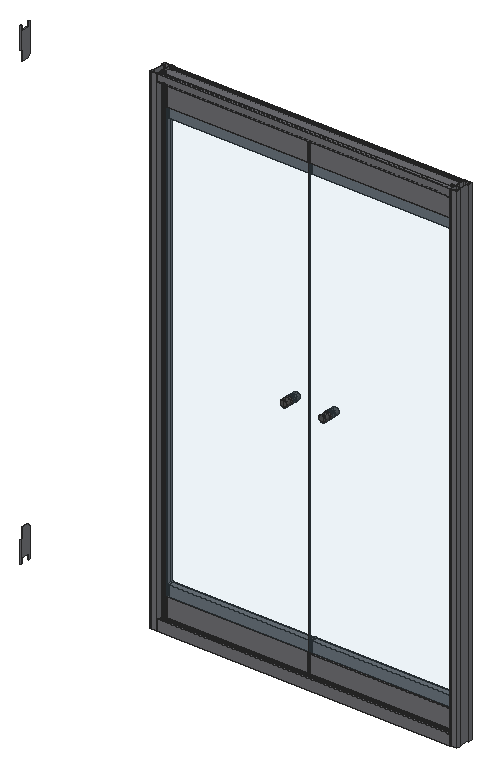
Revit family "QFL2", category Doors, host Wall, Revit 2024
Family settings
  Host = Wall
  OmniClass Number = 23.30.10.00
  OmniClass Title = Doors
  Always vertical = Yes
  Cut with Voids When Loaded = No
  Shared = No
  Room Calculation Point = No
Parameters
  Function = Interior
  Frame Projection Ext. = 25 mm
  Frame Projection Int. = 25 mm
  Frame Width = 75 mm
  Height = 2098 mm
  Wall Closure = By host
  Width = 1292 mm
  Define Thermal Properties by = Schematic Type
  Analytic Construction = "<None>"
Reference planes
  plane 1: y = 0
  plane 2 "Center (Left/Right)": x = 0
  plane 3 "Left": x = -646
  plane 4 "Right": x = 646
  plane 5: z = 2098
  plane 6 "Exterior": y = 75
  plane 7 "Interior": y = -75
Forms (mm)
  Extrusion 1, solid, material "ALUMINIUM CHAR (TEST)"
    sketch origin (-0.37, 0, 0) x (1, 0, 0) y (0, 1, 0)
      loop
        line (646.37, 37.5) -> (616.37, 37.5) -> (616.37, 34.4) -> (617.37, 34.4) -> (617.37, 35.9) -> (618.87, 35.9) -> (618.87, 28.3) -> (617.37, 28.3) -> (617.37, 29.8) -> (616.37, 29.8) -> (616.37, 1.2) -> (617.37, 1.2) -> (617.37, 2.7) -> (618.87, 2.7) -> (618.87, -4.9) -> (617.37, -4.9) -> (617.37, -3.4) -> (616.37, -3.4) -> (616.37, -13.1) -> (612.37, -13.1) -> (612.37, -11)
        arc (612.37, -11) -> (612.224, -10.646) -> (611.87, -10.5) r 0.5
        line (611.87, -10.5) -> (609.12, -10.5) -> (609.12, -11.5) -> (610.72, -11.5) -> (610.72, -13.1) -> (603.02, -13.1) -> (603.02, -11.5) -> (604.62, -11.5) -> (604.62, -10.5) -> (601.87, -10.5)
        arc (601.87, -10.5) -> (601.517, -10.646) -> (601.37, -11) r 0.5
        line (601.37, -11) -> (601.37, -14.4)
        arc (601.37, -14.4) -> (601.517, -14.754) -> (601.87, -14.9) r 0.5
        line (601.87, -14.9) -> (616.37, -14.9) -> (616.37, -37.5) -> (646.37, -37.5) -> (646.37, -22) -> (644.87, -22) -> (644.87, -24.5) -> (641.87, -24.5) -> (641.87, 24.5) -> (644.87, 24.5) -> (644.87, 22) -> (646.37, 22) -> (646.37, 37.5)
      loop
        line (644.37, 26.3) -> (644.37, 35.5) -> (620.67, 35.5) -> (620.67, 27.7)
        arc (620.67, 27.7) -> (620.377, 26.993) -> (619.67, 26.7) r 1
        line (619.67, 26.7) -> (618.37, 26.7) -> (618.37, 4.3) -> (619.67, 4.3)
        arc (619.67, 4.3) -> (620.377, 4.007) -> (620.67, 3.3) r 1
        line (620.67, 3.3) -> (620.67, -5.5)
        arc (620.67, -5.5) -> (620.377, -6.207) -> (619.67, -6.5) r 1
        line (619.67, -6.5) -> (618.17, -6.5) -> (618.17, -35.5) -> (644.37, -35.5) -> (644.37, -26.3) -> (641.47, -26.3)
        arc (641.47, -26.3) -> (640.48, -25.89) -> (640.07, -24.9) r 1.4
        line (640.07, -24.9) -> (640.07, 24.9)
        arc (640.07, 24.9) -> (640.48, 25.89) -> (641.47, 26.3) r 1.4
        line (641.47, 26.3) -> (644.37, 26.3)
      loop
        line (-645.63, 37.5) -> (-645.63, 22) -> (-644.13, 22) -> (-644.13, 24.5) -> (-641.13, 24.5) -> (-641.13, -24.5) -> (-644.13, -24.5) -> (-644.13, -22) -> (-645.63, -22) -> (-645.63, -37.5) -> (-615.63, -37.5) -> (-615.63, -14.9) -> (-601.13, -14.9)
        arc (-601.13, -14.9) -> (-600.776, -14.754) -> (-600.63, -14.4) r 0.5
        line (-600.63, -14.4) -> (-600.63, -11)
        arc (-600.63, -11) -> (-600.776, -10.646) -> (-601.13, -10.5) r 0.5
        line (-601.13, -10.5) -> (-603.88, -10.5) -> (-603.88, -11.5) -> (-602.28, -11.5) -> (-602.28, -13.1) -> (-609.98, -13.1) -> (-609.98, -11.5) -> (-608.38, -11.5) -> (-608.38, -10.5) -> (-611.13, -10.5)
        arc (-611.13, -10.5) -> (-611.483, -10.646) -> (-611.63, -11) r 0.5
        line (-611.63, -11) -> (-611.63, -13.1) -> (-615.63, -13.1) -> (-615.63, -3.4) -> (-616.63, -3.4) -> (-616.63, -4.9) -> (-618.13, -4.9) -> (-618.13, 2.7) -> (-616.63, 2.7) -> (-616.63, 1.2) -> (-615.63, 1.2) -> (-615.63, 29.8) -> (-616.63, 29.8) -> (-616.63, 28.3) -> (-618.13, 28.3) -> (-618.13, 35.9) -> (-616.63, 35.9) -> (-616.63, 34.4) -> (-615.63, 34.4) -> (-615.63, 37.5) -> (-645.63, 37.5)
      loop
        line (-643.63, 26.3) -> (-640.73, 26.3)
        arc (-640.73, 26.3) -> (-639.74, 25.89) -> (-639.33, 24.9) r 1.4
        line (-639.33, 24.9) -> (-639.33, -24.9)
        arc (-639.33, -24.9) -> (-639.74, -25.89) -> (-640.73, -26.3) r 1.4
        line (-640.73, -26.3) -> (-643.63, -26.3) -> (-643.63, -35.5) -> (-617.43, -35.5) -> (-617.43, -6.5) -> (-618.93, -6.5)
        arc (-618.93, -6.5) -> (-619.637, -6.207) -> (-619.93, -5.5) r 1
        line (-619.93, -5.5) -> (-619.93, 3.3)
        arc (-619.93, 3.3) -> (-619.637, 4.007) -> (-618.93, 4.3) r 1
        line (-618.93, 4.3) -> (-617.63, 4.3) -> (-617.63, 26.7) -> (-618.93, 26.7)
        arc (-618.93, 26.7) -> (-619.637, 26.993) -> (-619.93, 27.7) r 1
        line (-619.93, 27.7) -> (-619.93, 35.5) -> (-643.63, 35.5) -> (-643.63, 26.3)
    from 0 to 2098
  Extrusion 2, solid, material "ALUMINIUM CHAR (TEST)"
    sketch origin (-943.37, 0, 0) x (0, -1, 0) y (0, 0, 1)
      loop
        line (-36.55, 18) -> (-36.55, 20.5) -> (-37.5, 20.5) -> (-37.5, 0) -> (-35.5, 0) -> (-35.5, 2) -> (-13.5, 2) -> (-13.5, 0) -> (-11.5, 0) -> (-11.5, 2) -> (10.5, 2) -> (10.5, 0) -> (12.5, 0) -> (12.5, 2) -> (35.5, 2) -> (35.5, 0) -> (37.5, 0) -> (37.5, 44.5)
        arc (37.5, 44.5) -> (37.354, 44.854) -> (37, 45) r 0.5
        line (37, 45) -> (32.199, 45) -> (31.492, 44.5) -> (26.524, 44.5) -> (25.817, 45) -> (22.199, 45) -> (21.492, 44.5) -> (16.524, 44.5) -> (15.817, 44.999) -> (11.001, 44.999)
        arc (11.001, 44.999) -> (10.648, 44.853) -> (10.502, 44.501) r 0.499
        line (10.502, 44.501) -> (10.502, 41.75) -> (11.5, 41.75) -> (11.5, 43.35) -> (13.1, 43.35) -> (13.1, 35.65) -> (11.5, 35.65) -> (11.5, 37.25) -> (10.5, 37.25) -> (10.5, 11.9)
        arc (10.5, 11.9) -> (10.061, 10.839) -> (9, 10.4) r 1.5
        line (9, 10.4) -> (3, 10.4)
        arc (3, 10.4) -> (1.939, 10.839) -> (1.5, 11.9) r 1.5
        line (1.5, 11.9) -> (1.5, 20)
        arc (1.5, 20) -> (0.851, 21.475) -> (-0.674, 21.992) r 2
        line (-0.674, 21.992) -> (-9.95, 20.504) -> (-9.95, 18) -> (-36.55, 18)
      loop
        line (10.5, 4.2) -> (10.5, 8.4) -> (3, 8.4)
        arc (3, 8.4) -> (0.525, 9.425) -> (-0.5, 11.9) r 3.5
        line (-0.5, 11.9) -> (-0.5, 20.057) -> (-7.95, 18.629) -> (-7.95, 16) -> (-35.5, 16) -> (-35.5, 4.2) -> (10.5, 4.2)
      loop
        line (12.5, 4.2) -> (35.5, 4.2) -> (35.5, 43) -> (15.1, 43) -> (15.1, 34) -> (12.5, 34) -> (12.5, 4.2)
      loop
        arc (-37.5, 2069) -> (-37.207, 2068.293) -> (-36.5, 2068) r 1
        line (-36.5, 2068) -> (-34.25, 2068) -> (-34.25, 2069) -> (-35.85, 2069) -> (-35.85, 2070.6) -> (-28.15, 2070.6) -> (-28.15, 2069) -> (-29.75, 2069) -> (-29.75, 2068) -> (-25.9, 2068)
        arc (-25.9, 2068) -> (-24.486, 2068.586) -> (-23.9, 2070) r 2
        line (-23.9, 2070) -> (-23.9, 2091.2)
        arc (-23.9, 2091.2) -> (-23.754, 2091.554) -> (-23.4, 2091.7) r 0.5
        line (-23.4, 2091.7) -> (-6.85, 2091.7) -> (-6.85, 2070)
        arc (-6.85, 2070) -> (-6.264, 2068.586) -> (-4.85, 2068) r 2
        line (-4.85, 2068) -> (13.1, 2068) -> (13.1, 2064) -> (11, 2064)
        arc (11, 2064) -> (10.646, 2063.854) -> (10.5, 2063.5) r 0.5
        line (10.5, 2063.5) -> (10.5, 2060.75) -> (11.5, 2060.75) -> (11.5, 2062.35) -> (13.1, 2062.35) -> (13.1, 2054.65) -> (11.5, 2054.65) -> (11.5, 2056.25) -> (10.5, 2056.25) -> (10.5, 2053.5)
        arc (10.5, 2053.5) -> (10.646, 2053.146) -> (11, 2053) r 0.5
        line (11, 2053) -> (14.4, 2053)
        arc (14.4, 2053) -> (14.754, 2053.146) -> (14.9, 2053.5) r 0.5
        line (14.9, 2053.5) -> (14.9, 2068) -> (36.5, 2068)
        arc (36.5, 2068) -> (37.207, 2068.293) -> (37.5, 2069) r 1
        line (37.5, 2069) -> (37.5, 2098) -> (22, 2098) -> (22, 2096.5) -> (24.5, 2096.5) -> (24.5, 2093.5) -> (-24.5, 2093.5) -> (-24.5, 2096.5) -> (-22, 2096.5) -> (-22, 2098) -> (-25.4, 2098)
        arc (-25.4, 2098) -> (-26.107, 2097.707) -> (-26.4, 2097) r 1
        line (-26.4, 2097) -> (-26.4, 2085.5)
        arc (-26.4, 2085.5) -> (-26.546, 2085.146) -> (-26.9, 2085) r 0.5
        line (-26.9, 2085) -> (-35, 2085)
        arc (-35, 2085) -> (-35.354, 2085.146) -> (-35.5, 2085.5) r 0.5
        line (-35.5, 2085.5) -> (-35.5, 2095.5)
        arc (-35.5, 2095.5) -> (-35.354, 2095.854) -> (-35, 2096) r 0.5
        line (-35, 2096) -> (-33.5, 2096) -> (-33.5, 2098) -> (-36.5, 2098)
        arc (-36.5, 2098) -> (-37.207, 2097.707) -> (-37.5, 2097) r 1
        line (-37.5, 2097) -> (-37.5, 2069)
      loop
        line (35.5, 2070) -> (35.5, 2096) -> (26.3, 2096) -> (26.3, 2093.1)
        arc (26.3, 2093.1) -> (25.89, 2092.11) -> (24.9, 2091.7) r 1.4
        line (24.9, 2091.7) -> (-4.85, 2091.7) -> (-4.85, 2070.5)
        arc (-4.85, 2070.5) -> (-4.704, 2070.146) -> (-4.35, 2070) r 0.5
        line (-4.35, 2070) -> (35.5, 2070)
      loop
        line (-26.4, 2072.2) -> (-26.4, 2082.5)
        arc (-26.4, 2082.5) -> (-26.546, 2082.854) -> (-26.9, 2083) r 0.5
        line (-26.9, 2083) -> (-35, 2083)
        arc (-35, 2083) -> (-35.354, 2082.854) -> (-35.5, 2082.5) r 0.5
        line (-35.5, 2082.5) -> (-35.5, 2072.2) -> (-26.4, 2072.2)
    from -1559.37 to -327.37
  Extrusion 3, solid, material "ALUMINIUM CHAR (TEST)"
    sketch origin (-1209, 0, 0) x (0, -1, 0) y (0, 0, 1)
      loop
        line (-33.496, 156) -> (-33.496, 31) -> (-28.596, 31) -> (-28.596, 51) -> (5.604, 51) -> (5.604, 31) -> (10.504, 31) -> (10.504, 121) -> (2.504, 121) -> (2.504, 166) -> (-23.496, 166) -> (-33.496, 156)
      loop
        line (-33.496, 2059) -> (-33.496, 1934) -> (-23.496, 1924) -> (2.504, 1924) -> (2.504, 1969) -> (10.504, 1969) -> (10.504, 2059) -> (5.604, 2059) -> (5.604, 2039) -> (-28.596, 2039) -> (-28.596, 2059) -> (-33.496, 2059)
    from 0 to 5
  Extrusion 4, solid, material "ALUMINIUM CHAR (TEST)"
    sketch origin (6, 0, 0) x (0, -1, 0) y (0, 0, 1)
      loop
        line (-33.496, 156) -> (-33.496, 31) -> (-28.596, 31) -> (-28.596, 51) -> (5.604, 51) -> (5.604, 31) -> (10.504, 31) -> (10.504, 121) -> (2.504, 121) -> (2.504, 166) -> (-23.496, 166) -> (-33.496, 156)
      loop
        line (-33.496, 2059) -> (-33.496, 1934) -> (-23.496, 1924) -> (2.504, 1924) -> (2.504, 1969) -> (10.504, 1969) -> (10.504, 2059) -> (5.604, 2059) -> (5.604, 2039) -> (-28.596, 2039) -> (-28.596, 2059) -> (-33.496, 2059)
    from 0 to 5
  Extrusion 5, solid, material "ALUMINIUM CHAR (TEST)"
    sketch origin (595, 0, 0) x (0, -1, 0) y (0, 0, 1)
      loop
        line (10.504, 2059) -> (8.704, 2059) -> (8.704, 2057) -> (5.604, 2057) -> (5.604, 2055.4) -> (8.754, 2055.4) -> (8.754, 2043.033) -> (8.2, 2041.985) -> (8.2, 2039) -> (-31.196, 2039) -> (-31.196, 2041.92) -> (-31.705, 2042.883) -> (-31.705, 2055.4) -> (-28.596, 2055.4) -> (-28.596, 2057) -> (-31.696, 2057) -> (-31.696, 2059) -> (-33.496, 2059) -> (-33.496, 1934) -> (-23.496, 1924) -> (2.504, 1924) -> (2.504, 1969) -> (10.504, 1969) -> (10.504, 2059)
      loop
        line (8.714, 1971) -> (8.714, 2037.2) -> (-31.705, 2037.2) -> (-31.705, 1935.038) -> (-22.467, 1925.8) -> (0.504, 1925.8) -> (0.504, 1971) -> (8.714, 1971)
      loop
        line (10.504, 31) -> (10.504, 121) -> (2.504, 121) -> (2.504, 166) -> (-23.496, 166) -> (-33.496, 156) -> (-33.496, 31) -> (-31.696, 31) -> (-31.696, 33) -> (-28.596, 33) -> (-28.596, 34.6) -> (-31.705, 34.6) -> (-31.705, 47.117) -> (-31.196, 48.08) -> (-31.196, 51) -> (8.2, 51) -> (8.2, 48.015) -> (8.754, 46.967) -> (8.754, 34.6) -> (5.604, 34.6) -> (5.604, 33) -> (8.704, 33) -> (8.704, 31) -> (10.504, 31)
      loop
        line (8.714, 119) -> (0.504, 119) -> (0.504, 164.2) -> (-22.467, 164.2) -> (-31.705, 154.962) -> (-31.705, 52.8) -> (8.714, 52.8) -> (8.714, 119)
    from -1 to 589
  Extrusion 6, solid, material "Glass"
    sketch origin (-39, 0, 0) x (0, -1, 0) y (0, 0, 1)
      loop
        line (2.504, 121) -> (10.504, 121) -> (10.504, 1969) -> (2.504, 1969) -> (2.504, 121)
    from -640 to -40
  Extrusion 7, solid, material "ALUMINIUM CHAR (TEST)"
    sketch origin (596, 0, 0) x (0, -1, 0) y (0, 0, -1)
      loop
        line (-33.496, -156) -> (-23.496, -166) -> (2.504, -166) -> (2.504, -121) -> (10.504, -121) -> (10.504, -31) -> (5.604, -31) -> (5.604, -51) -> (-28.596, -51) -> (-28.596, -31) -> (-33.496, -31) -> (-33.496, -156)
      loop
        line (-33.496, -2059) -> (-28.596, -2059) -> (-28.596, -2039) -> (5.604, -2039) -> (5.604, -2059) -> (10.504, -2059) -> (10.504, -1969) -> (2.504, -1969) -> (2.504, -1924) -> (-23.496, -1924) -> (-33.496, -1934) -> (-33.496, -2059)
    from 0 to 5
  Revolve 8, solid, material "Metal, Powder Coated, Black"
    sketch origin (81.5, -153.753, 23.323) x (0, 1, 0) y (0, 0, 1)
      loop
        line (151.249, 1021.677) -> (181.249, 1021.677) -> (181.249, 1035.677) -> (180.249, 1036.677) -> (164.249, 1036.677) -> (159.249, 1031.677) -> (154.249, 1036.677) -> (151.249, 1036.677) -> (151.249, 1021.677)
      axis (181.249, 1021.677) -> (151.249, 1021.677)
    angle from 0 to 360
  Revolve 9, solid, material "Metal, Powder Coated, Black"
    sketch origin (81.5, 140.744, 23.323) x (0, -1, 0) y (0, 0, -1)
      loop
        line (151.249, -1021.677) -> (151.249, -1036.677) -> (154.249, -1036.677) -> (159.249, -1031.677) -> (164.249, -1036.677) -> (180.249, -1036.677) -> (181.249, -1035.677) -> (181.249, -1021.677) -> (151.249, -1021.677)
      axis (181.249, -1021.677) -> (151.249, -1021.677)
    angle from 0 to 360
  Extrusion 10, solid, material "ALUMINIUM CHAR (TEST)"
    sketch origin (-6, 0, 0) x (0, -1, 0) y (0, 0, -1)
      loop
        line (-33.496, -156) -> (-23.496, -166) -> (2.504, -166) -> (2.504, -121) -> (10.504, -121) -> (10.504, -31) -> (5.604, -31) -> (5.604, -51) -> (-28.596, -51) -> (-28.596, -31) -> (-33.496, -31) -> (-33.496, -156)
      loop
        line (-33.496, -2059) -> (-28.596, -2059) -> (-28.596, -2039) -> (5.604, -2039) -> (5.604, -2059) -> (10.504, -2059) -> (10.504, -1969) -> (2.504, -1969) -> (2.504, -1924) -> (-23.496, -1924) -> (-33.496, -1934) -> (-33.496, -2059)
    from 0 to 5
  Extrusion 11, solid, material "ALUMINIUM CHAR (TEST)"
    sketch origin (-595, 0, 0) x (0, -1, 0) y (0, 0, -1)
      loop
        line (10.504, -2059) -> (10.504, -1969) -> (2.504, -1969) -> (2.504, -1924) -> (-23.496, -1924) -> (-33.496, -1934) -> (-33.496, -2059) -> (-31.696, -2059) -> (-31.696, -2057) -> (-28.596, -2057) -> (-28.596, -2055.4) -> (-31.705, -2055.4) -> (-31.705, -2042.883) -> (-31.196, -2041.92) -> (-31.196, -2039) -> (8.2, -2039) -> (8.2, -2041.985) -> (8.754, -2043.033) -> (8.754, -2055.4) -> (5.604, -2055.4) -> (5.604, -2057) -> (8.704, -2057) -> (8.704, -2059) -> (10.504, -2059)
      loop
        line (8.714, -1971) -> (0.504, -1971) -> (0.504, -1925.8) -> (-22.467, -1925.8) -> (-31.705, -1935.038) -> (-31.705, -2037.2) -> (8.714, -2037.2) -> (8.714, -1971)
      loop
        line (10.504, -31) -> (8.704, -31) -> (8.704, -33) -> (5.604, -33) -> (5.604, -34.6) -> (8.754, -34.6) -> (8.754, -46.967) -> (8.2, -48.015) -> (8.2, -51) -> (-31.196, -51) -> (-31.196, -48.08) -> (-31.705, -47.117) -> (-31.705, -34.6) -> (-28.596, -34.6) -> (-28.596, -33) -> (-31.696, -33) -> (-31.696, -31) -> (-33.496, -31) -> (-33.496, -156) -> (-23.496, -166) -> (2.504, -166) -> (2.504, -121) -> (10.504, -121) -> (10.504, -31)
      loop
        line (8.714, -119) -> (8.714, -52.8) -> (-31.705, -52.8) -> (-31.705, -154.962) -> (-22.467, -164.2) -> (0.504, -164.2) -> (0.504, -119) -> (8.714, -119)
    from -1 to 589
  Extrusion 12, solid, material "Glass"
    sketch origin (39, 0, 0) x (0, -1, 0) y (0, 0, -1)
      loop
        line (2.504, -121) -> (2.504, -1969) -> (10.504, -1969) -> (10.504, -121) -> (2.504, -121)
    from -640 to -40
  Extrusion 13, solid, material "ALUMINIUM CHAR (TEST)"
    sketch origin (-596, 0, 0) x (0, -1, 0) y (0, 0, 1)
      loop
        line (-33.496, 156) -> (-33.496, 31) -> (-28.596, 31) -> (-28.596, 51) -> (5.604, 51) -> (5.604, 31) -> (10.504, 31) -> (10.504, 121) -> (2.504, 121) -> (2.504, 166) -> (-23.496, 166) -> (-33.496, 156)
      loop
        line (-33.496, 2059) -> (-33.496, 1934) -> (-23.496, 1924) -> (2.504, 1924) -> (2.504, 1969) -> (10.504, 1969) -> (10.504, 2059) -> (5.604, 2059) -> (5.604, 2039) -> (-28.596, 2039) -> (-28.596, 2059) -> (-33.496, 2059)
    from 0 to 5
  Revolve 14, solid, material "Metal, Powder Coated, Black"
    sketch origin (-81.5, -153.753, 23.323) x (0, 1, 0) y (0, 0, -1)
      loop
        line (151.249, -1021.677) -> (151.249, -1036.677) -> (154.249, -1036.677) -> (159.249, -1031.677) -> (164.249, -1036.677) -> (180.249, -1036.677) -> (181.249, -1035.677) -> (181.249, -1021.677) -> (151.249, -1021.677)
      axis (181.249, -1021.677) -> (151.249, -1021.677)
    angle from 0 to 360
  Revolve 15, solid, material "Metal, Powder Coated, Black"
    sketch origin (-81.5, 140.744, 23.323) x (0, -1, 0) y (0, 0, 1)
      loop
        line (151.249, 1021.677) -> (181.249, 1021.677) -> (181.249, 1035.677) -> (180.249, 1036.677) -> (164.249, 1036.677) -> (159.249, 1031.677) -> (154.249, 1036.677) -> (151.249, 1036.677) -> (151.249, 1021.677)
      axis (181.249, 1021.677) -> (151.249, 1021.677)
    angle from 0 to 360
Lines and regions (mm)
  Opening 1
    outline origin (-3050, -75, 0) x (1, 0, 0) y (0, 0, 1)
      loop
        line (2404, 0) -> (3696, 0) -> (3696, 2098) -> (2404, 2098) -> (2404, 0)
  model lines
    curve 1: line (606.5, 33.496, 2059) -> (6.5, 33.496, 1045)
    curve 2: line (6.5, 33.496, 1045) -> (606.5, 33.496, 31)
    curve 3: line (-606.5, 33.496, 2059) -> (-6.5, 33.496, 1045)
    curve 4: line (-6.5, 33.496, 1045) -> (-606.5, 33.496, 31)
    curve 5: line (-616, 36.55, 0) -> (-616, 648.496, 0)
    curve 6: arc (-1, 33.496, 0) -> (-181.129, 468.366, 0) -> (-616, 648.496, 0) r 615
    curve 7: line (616, 36.55, 0) -> (616, 648.496, 0)
    curve 8: arc (1, 33.496, 0) -> (181.129, 468.366, 0) -> (616, 648.496, 0) r 615
Text (mm)
  text "Exterior" at (-2295.016, 1099.543, 0), in view "Ref. Level"
  text "Exterior" at (0, 1615.38, 3698.081), in view "Left"
  text "Exterior" at (0, 1036.032, 3874.932), in view "Right"
Dimensions and locks
  equal spacing: plane 3 "Left", plane 2 "Center (Left/Right)", plane 4 "Right"
  "Width": plane 3 "Left" to plane 4 "Right"
  "Height": plane 5 to host wall
  host wall to plane 5 = 2098 mm  (x2)
  locked: plane 6 "Exterior" to host wall
  locked: plane 7 "Interior" to host wall
  plane 3 "Left" to plane 4 "Right" = 1292 mm
  aligned and locked: plane 3 "Left" to Opening 1 sketch curve
  aligned and locked: plane 5 to Opening 1 sketch curve  (x2)
  aligned and locked: Opening 1 sketch curve to plane 4 "Right"
  aligned and locked: Opening 1 sketch curve to level
  aligned and locked: plane 1 to host wall
Automatic sketch dimensions
  Extrusion 1 sketch curve to plane 3 "Left" = 0 mm  (x2)
  Extrusion 1 sketch curve to plane 4 "Right" = 0 mm  (x2)
  Extrusion 1 sketch curve to plane 3 "Left" = 1.5 mm  (x2)
  Extrusion 1 sketch curve to Extrusion 1 sketch curve = 0.5 mm  (x9)
  Extrusion 1 sketch curve to plane 3 "Left" = 2 mm
  Extrusion 1 sketch curve to Extrusion 1 sketch curve = 3 mm
  Extrusion 1 sketch curve to Extrusion 1 sketch curve = 0.4 mm  (x7)
  Extrusion 1 sketch curve to Extrusion 1 sketch curve = 1.4 mm  (x3)
  Extrusion 1 sketch curve to Extrusion 1 sketch curve = 19.4 mm
  Extrusion 1 sketch curve to host wall = 3.3 mm
  Extrusion 1 sketch curve to Extrusion 1 sketch curve = 0 mm  (x3)
  Extrusion 1 sketch curve to Extrusion 1 sketch curve = 1 mm  (x13)
  Extrusion 1 sketch curve to Extrusion 1 sketch curve = 0.8 mm  (x3)
  Extrusion 1 sketch curve to Extrusion 1 sketch curve = 1.3 mm  (x4)
  Extrusion 1 sketch curve to Extrusion 1 sketch curve = 21.9 mm
  Extrusion 1 sketch curve to Extrusion 1 sketch curve = 1.5 mm  (x13)
  Extrusion 1 sketch curve to Extrusion 1 sketch curve = 1.8 mm  (x6)
  Extrusion 1 sketch curve to Extrusion 1 sketch curve = 4 mm  (x2)
  Extrusion 1 sketch curve to Extrusion 1 sketch curve = 1.15 mm  (x5)
  Extrusion 1 sketch curve to Extrusion 1 sketch curve = 1.6 mm  (x10)
  Extrusion 1 sketch curve to Extrusion 1 sketch curve = 4.5 mm  (x3)
  host wall to Extrusion 1 sketch curve = 14.4 mm
  plane 4 "Right" to Extrusion 1 sketch curve = 45 mm
  Extrusion 1 sketch curve to Extrusion 1 sketch curve = 1.65 mm
  plane 4 "Right" to Extrusion 1 sketch curve = 30 mm
  Extrusion 1 sketch curve to host wall = 1.2 mm  (x2)
  plane 4 "Right" to Extrusion 1 sketch curve = 6.3 mm
  plane 4 "Right" to Extrusion 1 sketch curve = 2 mm  (x2)
  plane 4 "Right" to Extrusion 1 sketch curve = 1.5 mm  (x2)
  host wall to Extrusion 1 sketch curve = 22 mm  (x2)
  Extrusion 1 sketch curve to Extrusion 1 sketch curve = 2.5 mm  (x4)
  Extrusion 1 sketch curve to Extrusion 1 sketch curve = 9.2 mm  (x2)
  Extrusion 1 sketch curve to Extrusion 1 sketch curve = 20.6 mm
  Extrusion 1 sketch curve to Extrusion 1 sketch curve = 2 mm  (x4)
  host wall to Extrusion 1 sketch curve = 14.9 mm
  host wall to Extrusion 1 sketch curve = 6.5 mm  (x2)
  Extrusion 1 sketch curve to Extrusion 1 sketch curve = 0.6 mm  (x4)
  Extrusion 1 sketch curve to host wall = 22 mm  (x2)
  Extrusion 1 sketch curve to Extrusion 1 sketch curve = 4.6 mm  (x2)
  Extrusion 1 sketch curve to Extrusion 1 sketch curve = 1.1 mm
  Extrusion 2 sketch curve to Extrusion 2 sketch curve = 0 mm  (x12)
  Extrusion 2 sketch curve to level = 0 mm  (x4)
  plane 5 to Extrusion 2 sketch curve = 0 mm  (x3)
  Extrusion 2 sketch curve to host wall = 37.5 mm  (x2)
  plane 5 to Extrusion 2 sketch curve = 29 mm
  Extrusion 2 sketch curve to Extrusion 2 sketch curve = 0.95 mm
  Extrusion 2 sketch curve to Extrusion 2 sketch curve = 1 mm  (x12)
  Extrusion 2 sketch curve to Extrusion 2 sketch curve = 0.65 mm
  Extrusion 2 sketch curve to Extrusion 2 sketch curve = 0.35 mm  (x2)
  Extrusion 2 sketch curve to Extrusion 2 sketch curve = 1.05 mm
  Extrusion 2 sketch curve to Extrusion 2 sketch curve = 2 mm  (x9)
  Extrusion 2 sketch curve to Extrusion 2 sketch curve = 0.5 mm  (x13)
  Extrusion 2 sketch curve to Extrusion 2 sketch curve = 1.6 mm  (x9)
  Extrusion 2 sketch curve to Extrusion 2 sketch curve = 1.5 mm  (x8)
  Extrusion 2 sketch curve to Extrusion 2 sketch curve = 4.5 mm  (x3)
  Extrusion 2 sketch curve to Extrusion 2 sketch curve = 8.1 mm  (x2)
  Extrusion 2 sketch curve to Extrusion 2 sketch curve = 0.9 mm
  Extrusion 2 sketch curve to Extrusion 2 sketch curve = 0.6 mm
  Extrusion 2 sketch curve to Extrusion 2 sketch curve = 2.5 mm  (x3)
  level to Extrusion 2 sketch curve = 2 mm  (x3)
  Extrusion 2 sketch curve to host wall = 13.5 mm
  Extrusion 2 sketch curve to host wall = 9.95 mm
  Extrusion 2 sketch curve to host wall = 6.85 mm
  Extrusion 2 sketch curve to host wall = 0.674 mm
  Extrusion 2 sketch curve to host wall = 0.5 mm
  host wall to Extrusion 2 sketch curve = 1.5 mm
  Extrusion 2 sketch curve to Extrusion 2 sketch curve = 6 mm
  host wall to Extrusion 2 sketch curve = 10.5 mm  (x2)
  Extrusion 2 sketch curve to Extrusion 2 sketch curve = 0.002 mm
  Extrusion 2 sketch curve to Extrusion 2 sketch curve = 0.499 mm
  Extrusion 2 sketch curve to Extrusion 2 sketch curve = 0.998 mm
  Extrusion 2 sketch curve to Extrusion 2 sketch curve = 1.3 mm
  Extrusion 2 sketch curve to Extrusion 2 sketch curve = 0.717 mm
  Extrusion 2 sketch curve to Extrusion 2 sketch curve = 0.707 mm  (x4)
  Extrusion 2 sketch curve to Extrusion 2 sketch curve = 4.968 mm  (x2)
  plane 5 to Extrusion 2 sketch curve = 1.5 mm
  host wall to Extrusion 2 sketch curve = 22 mm
  Extrusion 2 sketch curve to Extrusion 2 sketch curve = 0.4 mm  (x2)
  Extrusion 2 sketch curve to Extrusion 2 sketch curve = 3.617 mm
  Extrusion 2 sketch curve to Extrusion 2 sketch curve = 1.4 mm
  Extrusion 2 sketch curve to Extrusion 2 sketch curve = 23 mm
  Extrusion 2 sketch curve to Extrusion 2 sketch curve = 20.6 mm
  Extrusion 2 sketch curve to Extrusion 2 sketch curve = 3.301 mm
  Extrusion 2 sketch curve to Extrusion 2 sketch curve = 2.2 mm  (x2)
  level to Extrusion 2 sketch curve = 8.4 mm
  Extrusion 2 sketch curve to Extrusion 2 sketch curve = 4.1 mm
  Extrusion 2 sketch curve to Extrusion 2 sketch curve = 0.629 mm
  Extrusion 2 sketch curve to Extrusion 2 sketch curve = 0.057 mm
  Extrusion 2 sketch curve to Extrusion 2 sketch curve = 2.504 mm
  Extrusion 2 sketch curve to Extrusion 2 sketch curve = 14 mm
  Extrusion 2 sketch curve to Extrusion 2 sketch curve = 1.65 mm
  Extrusion 2 sketch curve to Extrusion 2 sketch curve = 9 mm
  Extrusion 2 sketch curve to Extrusion 2 sketch curve = 1.151 mm
  Extrusion 2 sketch curve to Extrusion 2 sketch curve = 43.5 mm
  Extrusion 2 sketch curve to Extrusion 2 sketch curve = 1.15 mm  (x2)
  Extrusion 2 sketch curve to Extrusion 2 sketch curve = 4 mm
  Extrusion 2 sketch curve to Extrusion 2 sketch curve = 10.3 mm
  Extrusion 2 sketch curve to Extrusion 2 sketch curve = 5.8 mm
  plane 5 to Extrusion 2 sketch curve = 2 mm
  Extrusion 3 sketch curve to host wall = 33.496 mm  (x2)
  Extrusion 3 sketch curve to Extrusion 3 sketch curve = 4.9 mm  (x3)
  Extrusion 3 sketch curve to Extrusion 3 sketch curve = 10 mm  (x4)
  host wall to Extrusion 3 sketch curve = 2.504 mm  (x2)
  host wall to Extrusion 3 sketch curve = 5.604 mm  (x2)
  Extrusion 3 sketch curve to Extrusion 3 sketch curve = 8 mm
  level to Extrusion 3 sketch curve = 31 mm  (x2)
  Extrusion 3 sketch curve to Extrusion 3 sketch curve = 20 mm  (x3)
  Extrusion 3 sketch curve to Extrusion 3 sketch curve = 70 mm
  Extrusion 3 sketch curve to Extrusion 3 sketch curve = 35 mm
  plane 5 to Extrusion 3 sketch curve = 174 mm
  Extrusion 3 sketch curve to Extrusion 3 sketch curve = 45 mm
  plane 5 to Extrusion 3 sketch curve = 59 mm
  Extrusion 4 sketch curve to host wall = 33.496 mm  (x2)
  Extrusion 4 sketch curve to Extrusion 4 sketch curve = 4.9 mm  (x3)
  Extrusion 4 sketch curve to Extrusion 4 sketch curve = 10 mm  (x4)
  host wall to Extrusion 4 sketch curve = 2.504 mm  (x2)
  host wall to Extrusion 4 sketch curve = 5.604 mm  (x2)
  Extrusion 4 sketch curve to Extrusion 4 sketch curve = 8 mm
  level to Extrusion 4 sketch curve = 31 mm  (x2)
  Extrusion 4 sketch curve to Extrusion 4 sketch curve = 20 mm  (x3)
  Extrusion 4 sketch curve to Extrusion 4 sketch curve = 70 mm
  Extrusion 4 sketch curve to Extrusion 4 sketch curve = 35 mm
  plane 5 to Extrusion 4 sketch curve = 174 mm
  Extrusion 4 sketch curve to Extrusion 4 sketch curve = 45 mm
  plane 5 to Extrusion 4 sketch curve = 59 mm
  curve 4 to plane 2 "Center (Left/Right)" = 6.5 mm
  plane 2 "Center (Left/Right)" to curve 2 = 6.5 mm
  level to curve 2 = 1045 mm
  curve 4 to curve 1 = 0 mm
  curve 4 to plane 3 "Left" = 39.5 mm
  curve 3 to plane 3 "Left" = 39.5 mm
  plane 4 "Right" to curve 2 = 39.5 mm
  plane 4 "Right" to curve 1 = 39.5 mm
  level to curve 4 = 31 mm
  level to curve 2 = 31 mm
  plane 5 to curve 3 = 39 mm
  plane 5 to curve 1 = 39 mm
  Extrusion 5 sketch curve to host wall = 33.496 mm  (x2)
  Extrusion 5 sketch curve to Extrusion 5 sketch curve = 1.79 mm  (x4)
  Extrusion 5 sketch curve to Extrusion 5 sketch curve = 0 mm
  Extrusion 5 sketch curve to Extrusion 5 sketch curve = 0.01 mm
  Extrusion 5 sketch curve to Extrusion 5 sketch curve = 1.8 mm  (x6)
  Extrusion 5 sketch curve to Extrusion 5 sketch curve = 0.51 mm  (x2)
  Extrusion 5 sketch curve to Extrusion 5 sketch curve = 3.11 mm  (x2)
  Extrusion 5 sketch curve to Extrusion 5 sketch curve = 8.21 mm  (x2)
  Extrusion 5 sketch curve to Extrusion 5 sketch curve = 1.028 mm  (x2)
  host wall to Extrusion 5 sketch curve = 0.504 mm  (x2)
  host wall to Extrusion 5 sketch curve = 2.504 mm  (x2)
  host wall to Extrusion 5 sketch curve = 5.604 mm  (x2)
  host wall to Extrusion 5 sketch curve = 8.2 mm  (x2)
  Extrusion 5 sketch curve to Extrusion 5 sketch curve = 3.1 mm  (x2)
  Extrusion 5 sketch curve to Extrusion 5 sketch curve = 0.514 mm
  Extrusion 5 sketch curve to Extrusion 5 sketch curve = 6.21 mm
  Extrusion 5 sketch curve to Extrusion 5 sketch curve = 0.05 mm
  Extrusion 5 sketch curve to Extrusion 5 sketch curve = 0.554 mm
  level to Extrusion 5 sketch curve = 31 mm  (x2)
  Extrusion 5 sketch curve to Extrusion 5 sketch curve = 2 mm  (x6)
  Extrusion 5 sketch curve to Extrusion 5 sketch curve = 1.6 mm  (x4)
  Extrusion 5 sketch curve to Extrusion 5 sketch curve = 12.367 mm  (x2)
  Extrusion 5 sketch curve to Extrusion 5 sketch curve = 12.517 mm  (x2)
  Extrusion 5 sketch curve to Extrusion 5 sketch curve = 1.048 mm  (x2)
  Extrusion 5 sketch curve to Extrusion 5 sketch curve = 0.963 mm  (x2)
  Extrusion 5 sketch curve to Extrusion 5 sketch curve = 2.92 mm  (x2)
  Extrusion 5 sketch curve to Extrusion 5 sketch curve = 66.2 mm
  Extrusion 5 sketch curve to Extrusion 5 sketch curve = 33.962 mm
  Extrusion 5 sketch curve to Extrusion 5 sketch curve = 1.038 mm  (x2)
  Extrusion 5 sketch curve to Extrusion 5 sketch curve = 9.238 mm
  plane 5 to Extrusion 5 sketch curve = 174 mm
  Extrusion 5 sketch curve to Extrusion 5 sketch curve = 8.2 mm
  Extrusion 5 sketch curve to Extrusion 5 sketch curve = 43.2 mm
  plane 5 to Extrusion 5 sketch curve = 60.8 mm
  Extrusion 5 sketch curve to Extrusion 5 sketch curve = 2.985 mm
  host wall to Extrusion 6 sketch curve = 2.504 mm
  Extrusion 6 sketch curve to Extrusion 6 sketch curve = 8 mm
  level to Extrusion 6 sketch curve = 121 mm
  plane 5 to Extrusion 6 sketch curve = 129 mm
  Extrusion 7 sketch curve to host wall = 33.496 mm  (x2)
  Extrusion 7 sketch curve to Extrusion 7 sketch curve = 4.9 mm  (x3)
  Extrusion 7 sketch curve to Extrusion 7 sketch curve = 10 mm  (x4)
  host wall to Extrusion 7 sketch curve = 2.504 mm  (x2)
  host wall to Extrusion 7 sketch curve = 5.604 mm  (x2)
  Extrusion 7 sketch curve to Extrusion 7 sketch curve = 8 mm
  plane 5 to Extrusion 7 sketch curve = 39 mm
  Extrusion 7 sketch curve to Extrusion 7 sketch curve = 0 mm
  Extrusion 7 sketch curve to Extrusion 7 sketch curve = 20 mm  (x3)
  Extrusion 7 sketch curve to Extrusion 7 sketch curve = 70 mm
  Extrusion 7 sketch curve to Extrusion 7 sketch curve = 35 mm
  level to Extrusion 7 sketch curve = 166 mm
  Extrusion 7 sketch curve to Extrusion 7 sketch curve = 45 mm
  level to Extrusion 7 sketch curve = 51 mm
  host wall to Revolve 8 sketch curve = 2.504 mm
  Revolve 8 sketch curve to host wall = 0.496 mm
  Revolve 8 sketch curve to host wall = 5.496 mm
  Revolve 8 sketch curve to Revolve 8 sketch curve = 5 mm
  Revolve 8 sketch curve to Revolve 8 sketch curve = 16 mm
  Revolve 8 sketch curve to Revolve 8 sketch curve = 1 mm  (x2)
  level to Revolve 8 sketch curve = 1045 mm
  Revolve 8 sketch curve to Revolve 8 sketch curve = 10 mm
  Revolve 8 sketch curve to Revolve 8 sketch curve = 14 mm
  Revolve 8 sketch curve to Revolve 8 sketch curve = 0 mm  (x3)
  host wall to Revolve 9 sketch curve = 10.504 mm
  Revolve 9 sketch curve to Revolve 9 sketch curve = 3 mm
  Revolve 9 sketch curve to Revolve 9 sketch curve = 5 mm  (x2)
  Revolve 9 sketch curve to Revolve 9 sketch curve = 16 mm
  Revolve 9 sketch curve to Revolve 9 sketch curve = 1 mm  (x2)
  plane 5 to Revolve 9 sketch curve = 1038 mm
  Revolve 9 sketch curve to Revolve 9 sketch curve = 0 mm  (x4)
  Revolve 9 sketch curve to Revolve 9 sketch curve = 14 mm
  Extrusion 10 sketch curve to host wall = 33.496 mm  (x2)
  Extrusion 10 sketch curve to Extrusion 10 sketch curve = 4.9 mm  (x3)
  Extrusion 10 sketch curve to Extrusion 10 sketch curve = 10 mm  (x4)
  host wall to Extrusion 10 sketch curve = 2.504 mm  (x2)
  host wall to Extrusion 10 sketch curve = 5.604 mm  (x2)
  Extrusion 10 sketch curve to Extrusion 10 sketch curve = 8 mm
  plane 5 to Extrusion 10 sketch curve = 39 mm
  Extrusion 10 sketch curve to Extrusion 10 sketch curve = 0 mm
  Extrusion 10 sketch curve to Extrusion 10 sketch curve = 20 mm  (x3)
  Extrusion 10 sketch curve to Extrusion 10 sketch curve = 70 mm
  Extrusion 10 sketch curve to Extrusion 10 sketch curve = 35 mm
  level to Extrusion 10 sketch curve = 166 mm
  Extrusion 10 sketch curve to Extrusion 10 sketch curve = 45 mm
  level to Extrusion 10 sketch curve = 51 mm
  Extrusion 11 sketch curve to host wall = 33.496 mm  (x2)
  Extrusion 11 sketch curve to Extrusion 11 sketch curve = 1.79 mm  (x4)
  Extrusion 11 sketch curve to Extrusion 11 sketch curve = 0 mm
  Extrusion 11 sketch curve to Extrusion 11 sketch curve = 0.01 mm
  Extrusion 11 sketch curve to Extrusion 11 sketch curve = 1.8 mm  (x6)
  Extrusion 11 sketch curve to Extrusion 11 sketch curve = 0.51 mm  (x2)
  Extrusion 11 sketch curve to Extrusion 11 sketch curve = 3.11 mm  (x2)
  Extrusion 11 sketch curve to Extrusion 11 sketch curve = 8.21 mm  (x2)
  Extrusion 11 sketch curve to Extrusion 11 sketch curve = 1.028 mm  (x2)
  host wall to Extrusion 11 sketch curve = 0.504 mm  (x2)
  host wall to Extrusion 11 sketch curve = 2.504 mm  (x2)
  host wall to Extrusion 11 sketch curve = 5.604 mm  (x2)
  host wall to Extrusion 11 sketch curve = 8.2 mm  (x2)
  Extrusion 11 sketch curve to Extrusion 11 sketch curve = 3.1 mm  (x2)
  Extrusion 11 sketch curve to Extrusion 11 sketch curve = 0.514 mm
  Extrusion 11 sketch curve to Extrusion 11 sketch curve = 6.21 mm
  Extrusion 11 sketch curve to Extrusion 11 sketch curve = 0.05 mm
  Extrusion 11 sketch curve to Extrusion 11 sketch curve = 0.554 mm
  plane 5 to Extrusion 11 sketch curve = 39 mm  (x2)
  Extrusion 11 sketch curve to Extrusion 11 sketch curve = 2 mm  (x6)
  Extrusion 11 sketch curve to Extrusion 11 sketch curve = 1.6 mm  (x4)
  Extrusion 11 sketch curve to Extrusion 11 sketch curve = 12.367 mm  (x2)
  Extrusion 11 sketch curve to Extrusion 11 sketch curve = 12.517 mm  (x2)
  Extrusion 11 sketch curve to Extrusion 11 sketch curve = 1.048 mm  (x2)
  Extrusion 11 sketch curve to Extrusion 11 sketch curve = 0.963 mm  (x2)
  Extrusion 11 sketch curve to Extrusion 11 sketch curve = 2.985 mm  (x2)
  Extrusion 11 sketch curve to Extrusion 11 sketch curve = 66.2 mm
  Extrusion 11 sketch curve to Extrusion 11 sketch curve = 33.962 mm
  Extrusion 11 sketch curve to Extrusion 11 sketch curve = 1.038 mm  (x2)
  Extrusion 11 sketch curve to Extrusion 11 sketch curve = 9.238 mm
  level to Extrusion 11 sketch curve = 166 mm
  Extrusion 11 sketch curve to Extrusion 11 sketch curve = 8.2 mm
  Extrusion 11 sketch curve to Extrusion 11 sketch curve = 43.2 mm
  level to Extrusion 11 sketch curve = 52.8 mm
  Extrusion 11 sketch curve to Extrusion 11 sketch curve = 2.92 mm
  host wall to Extrusion 12 sketch curve = 2.504 mm
  Extrusion 12 sketch curve to Extrusion 12 sketch curve = 8 mm
  plane 5 to Extrusion 12 sketch curve = 129 mm
  level to Extrusion 12 sketch curve = 121 mm
  Extrusion 13 sketch curve to host wall = 33.496 mm  (x2)
  Extrusion 13 sketch curve to Extrusion 13 sketch curve = 4.9 mm  (x3)
  Extrusion 13 sketch curve to Extrusion 13 sketch curve = 10 mm  (x4)
  host wall to Extrusion 13 sketch curve = 2.504 mm  (x2)
  host wall to Extrusion 13 sketch curve = 5.604 mm  (x2)
  Extrusion 13 sketch curve to Extrusion 13 sketch curve = 8 mm
  level to Extrusion 13 sketch curve = 31 mm  (x2)
  Extrusion 13 sketch curve to Extrusion 13 sketch curve = 20 mm  (x3)
  Extrusion 13 sketch curve to Extrusion 13 sketch curve = 70 mm
  Extrusion 13 sketch curve to Extrusion 13 sketch curve = 35 mm
  plane 5 to Extrusion 13 sketch curve = 174 mm
  Extrusion 13 sketch curve to Extrusion 13 sketch curve = 45 mm
  plane 5 to Extrusion 13 sketch curve = 59 mm
  host wall to Revolve 14 sketch curve = 2.504 mm
  Revolve 14 sketch curve to host wall = 0.496 mm
  Revolve 14 sketch curve to host wall = 5.496 mm
  Revolve 14 sketch curve to Revolve 14 sketch curve = 5 mm
  Revolve 14 sketch curve to Revolve 14 sketch curve = 16 mm
  Revolve 14 sketch curve to Revolve 14 sketch curve = 1 mm  (x2)
  plane 5 to Revolve 14 sketch curve = 1038 mm
  Revolve 14 sketch curve to Revolve 14 sketch curve = 0 mm  (x4)
  Revolve 14 sketch curve to Revolve 14 sketch curve = 14 mm
  host wall to Revolve 15 sketch curve = 10.504 mm
  Revolve 15 sketch curve to Revolve 15 sketch curve = 3 mm
  Revolve 15 sketch curve to Revolve 15 sketch curve = 5 mm  (x2)
  Revolve 15 sketch curve to Revolve 15 sketch curve = 16 mm
  Revolve 15 sketch curve to Revolve 15 sketch curve = 1 mm  (x2)
  level to Revolve 15 sketch curve = 1045 mm
  Revolve 15 sketch curve to Revolve 15 sketch curve = 10 mm
  Revolve 15 sketch curve to Revolve 15 sketch curve = 14 mm
  Revolve 15 sketch curve to Revolve 15 sketch curve = 0 mm  (x3)
  curve 5 to plane 3 "Left" = 30 mm
  plane 4 "Right" to curve 8 = 30 mm
  curve 6 to host wall = 33.496 mm
  curve 8 to host wall = 33.496 mm
  host wall to curve 5 = 573.496 mm
  host wall to curve 7 = 573.496 mm
  curve 6 to curve 5 = 3.054 mm
  curve 8 to curve 7 = 3.054 mm
